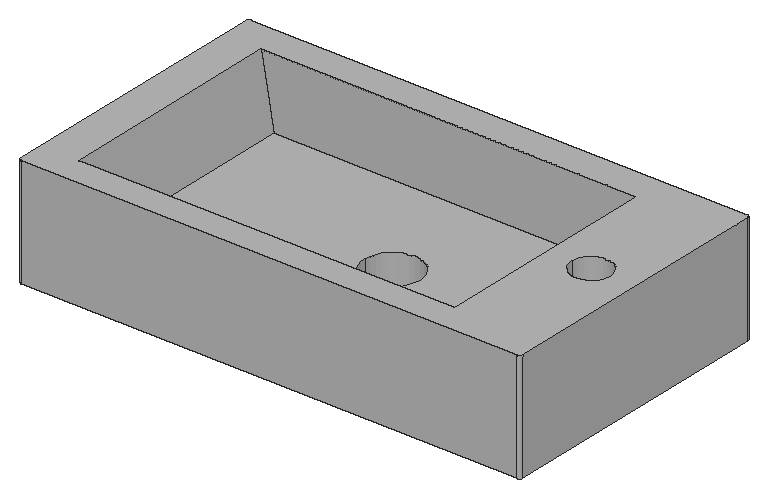
Revit family "L.AMANTIA", category Plumbing Fixtures, Revit 2014
Reference planes
  plane 1 "Center (Front/Back)": y = 0
  plane 2: z = 0
  plane 3 "Center (Left/Right)": x = 0
Forms (mm)
  Extrusion 1, solid
    sketch origin (0, 0, 0) x (1, 0, 0) y (0, 1, 0)
      loop
        arc (0, 3) -> (0.879, 0.879) -> (3, 0) r 3
        line (3, 0) -> (452, 0)
        arc (452, 0) -> (454.121, 0.879) -> (455, 3) r 3
        line (455, 3) -> (455, 257)
        arc (455, 257) -> (454.121, 259.121) -> (452, 260) r 3
        line (452, 260) -> (3, 260)
        arc (3, 260) -> (0.879, 259.121) -> (0, 257) r 3
        line (0, 257) -> (0, 3)
    from 0 to 100
  Extrusion 2, void
    sketch origin (0, 0, 0) x (1, 0, 0) y (0, 0, 1)
      loop
        line (34.25, 100) -> (45.537, 35.987) -> (363.713, 35.987) -> (375, 100) -> (34.25, 100)
    from -232 to -25
  Extrusion 3, void
    sketch origin (0, 0, 0) x (1, 0, 0) y (0, 1, 0)
      loop
        circle (415, 130) r 17.5
      loop
        circle (235, 130) r 25.15
    from 0 to 100
Cuts and joins
  Extrusion 2, Extrusion 3 cuts Extrusion 1
Dimensions and locks
  aligned and locked: level to plane 2
Connectors
  piping at (235, 130, 0), diameter 50
    settings: on cut or joined group of Extrusion 1, Extrusion 2, Extrusion 3, index 1, connector inside diameter 609.6 mm, connector length 0 mm, flow factor 0, pipe flow 0.0 L/s, pressure drop 0.0 Pa, fitting loss kfactor 0, connector angle 0.00°, fixture units 0, engagement length 0 mm, angle of deflection 0.00°, flow configuration 0, flow direction 0, fitting loss method 0, system type 7, joint type 0, gender type 0, connector reference index -1, connector utility 0, adjustable connector no, is connector primary yes, connector description ""
